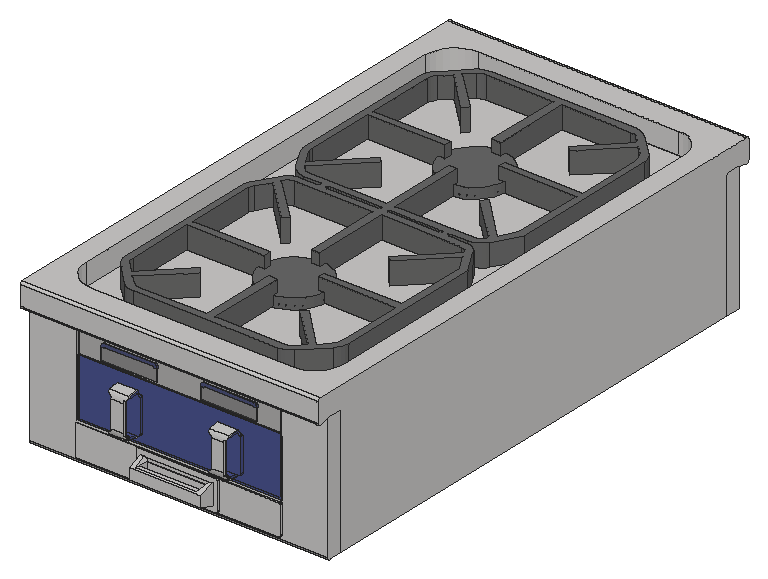
Revit family "QF_ELECTROLUXPROFESSIONAL_589079_MCGDAAEOPI", category Specialty Equipment, Revit 2018
Family settings
  Round Connector Dimension = Use Diameter
  Part Type = Normal
  Work Plane-Based = No
  Always vertical = Yes
  Cut with Voids When Loaded = No
  Shared = No
  Room Calculation Point = No
Parameters
  Weight in Pounds = 90.38
  Watts = 0 W
  URL Cutsheet = ""
  Type Mark [instance] = ""
  Status [instance] = ""
  Specification by User [instance] = ""
  Specification by Manufacturer = ""
  Show Clearance [instance] = yes
  Serial Number = ""
  Seismic Rating = ""
  SMACNA No = ""
  Revision Code [instance] = ""
  Omniclass Number and Title = ""
  NAFEM Spec ID Number = ""
  Model = "589079"
  Mechanical Remarks [instance] = ""
  Mechanical Connection Type [instance] = ""
  Masterspec = ""
  Manufacturer = "ELECTROLUX"
  Item Number [instance] = ""
  Installed By [instance] = ""
  Identify Quantity as Lot [instance] = yes
  HP = "0 HP"
  Gas Size = 1/2"
  Gas RI Height [instance] = 0 mm
  Gas KW = 20
  Gas Input = 68180.0 Btu/h
  Gas Connection Height [instance] = 0 mm
  Furnished By [instance] = ""
  Foodservice Equipment Identifier [instance] = yes
  Direct Waste Size = 0"
  Description = "GAS TOP,2 BURNERS,ECO,1SIDE,500X900X250H"
  CSI MasterFormat = ""
  CSI Master Format = ""
  Back Panel [instance] = yes
Reference planes
  plane 1 "BACK": y = 0
  plane 2: z = 0
  plane 3 "LEFT": x = 0
  plane 4 "RIGHT": x = 500
  plane 5 "FRONT": y = -900
  plane 6 "TOP": z = 250
  plane 7: x = 250
  plane 8: y = -450
  plane 9: z = 370
  plane 10: x = 465
  plane 11: y = -60.425
  plane 12: y = -1330
Forms (mm)
  Extrusion 1, solid, material "QF_Finishes_Stainless Steel"
    sketch origin (0, -487.128, 0) x (0, 1, 0) y (0, 0, 1)
      loop
        line (483.128, 250) -> (-408.872, 250)
        arc (-408.872, 250) -> (-411.7, 248.828) -> (-412.872, 246) r 4
        line (-412.872, 246) -> (-412.872, 214)
        arc (-412.872, 214) -> (-411.437, 210.931) -> (-408.161, 210.064) r 4
        line (-408.161, 210.064) -> (-392.872, 213) -> (-367.872, 213) -> (-367.872, 0) -> (441.714, 0) -> (441.714, 213) -> (465.765, 213) -> (482.433, 210.061)
        arc (482.433, 210.061) -> (485.699, 210.936) -> (487.128, 214) r 4
        line (487.128, 214) -> (487.128, 246)
        arc (487.128, 246) -> (485.956, 248.828) -> (483.128, 250) r 4
    from 0 to 500
  Extrusion 2, solid, material "QF_Finishes_Stainless Steel", visible <- "Back Panel"
    sketch origin (0, 0.586, 0) x (0, 1, 0) y (0, 0, 1)
      loop
        line (-46, 0) -> (-21, 0) -> (-21, 212.833) -> (-21.949, 213) -> (-46, 213) -> (-46, 0)
    from 0 to 500
  Extrusion 3, void
    sketch origin (653.786, 44.048, 250) x (1, 0, 0) y (0, -1, 0)
      loop
        line (-570.234, 89.462) -> (-235.321, 89.462)
        arc (-235.321, 89.462) -> (-200.694, 103.805) -> (-186.351, 138.432) r 48.97
        line (-186.351, 138.432) -> (-186.351, 850.078)
        arc (-186.351, 850.078) -> (-200.694, 884.705) -> (-235.321, 899.048) r 48.97
        line (-235.321, 899.048) -> (-570.234, 899.048)
        arc (-570.234, 899.048) -> (-605.59, 884.403) -> (-620.234, 849.048) r 50
        line (-620.234, 849.048) -> (-620.234, 139.462)
        arc (-620.234, 139.462) -> (-605.59, 104.107) -> (-570.234, 89.462) r 50
    from 0 to 37
  Extrusion 4, solid, material "QF_Finishes_Stainless Steel"
    sketch origin (10, -759, 0) x (1, 0, 0) y (0, -1, 0)
      loop
        circle (455, -169) r 6.35
    from 0 to 3.2
  Extrusion 5, solid, material "QF_Door-Drawer Clearances", visible <- "Show Clearance", detail levels coarse
    sketch origin (-178.969, -4572, 0) x (-1, 0, 0) y (0, -1, 0)
      loop
        line (-257.364, -3689.407) -> (-257.364, -3242) -> (-601.364, -3242) -> (-601.364, -3689.407) -> (-257.364, -3689.407)
    from 8.012 to 59.392
Cuts and joins
  Extrusion 3 cuts Extrusion 1
Lines and regions (mm)
  symbolic lines
    curve 1: line (0, 0, 0) -> (500, 0, 0)
    curve 2: line (0, -900, 0) -> (0, 0, 0)
    curve 3: line (500, -900, 0) -> (0, -900, 0)
    curve 4: line (500, 0, 0) -> (500, -900, 0)
    curve 5: arc (83.552, -855, 0) -> (48.197, -840.355, 0) -> (33.552, -805, 0) r 50
    curve 6: line (33.552, -805, 0) -> (33.552, -95.414, 0)
    curve 7: arc (33.552, -95.414, 0) -> (48.197, -60.059, 0) -> (83.552, -45.414, 0) r 50
    curve 8: line (83.552, -45.414, 0) -> (418.465, -45.414, 0)
    curve 9: arc (418.465, -45.414, 0) -> (453.092, -59.757, 0) -> (467.435, -94.384, 0) r 48.97
    curve 10: line (467.435, -94.384, 0) -> (467.435, -806.03, 0)
    curve 11: arc (467.435, -806.03, 0) -> (453.092, -840.657, 0) -> (418.465, -855, 0) r 48.97
    curve 12: line (418.465, -855, 0) -> (83.552, -855, 0)
  symbolic lines, style "QF_Door-Drawer Clearances"
    curve 13: line (78.395, -900, 0) -> (78.395, -1330, 0)
    curve 14: line (78.395, -1330, 0) -> (422.395, -1330, 0)
    curve 15: line (422.395, -1330, 0) -> (422.395, -900, 0)
Dimensions and locks
  plane 3 "LEFT" to plane 4 "RIGHT" = 500 mm
  plane 5 "FRONT" to plane 1 "BACK" = 900 mm
  equal spacing: plane 3 "LEFT", plane 7, plane 4 "RIGHT"
  equal spacing: plane 5 "FRONT", plane 8, plane 1 "BACK"
  plane 6 "TOP" to level = 250 mm  (x2)
  plane 1 "BACK" to plane 5 "FRONT" = 900 mm
  Extrusion 4 sketch curve to plane 1 "BACK" = 590 mm
  Extrusion 4 sketch curve to plane 4 "RIGHT" = 35 mm
  plane 1 "BACK" to Extrusion 4 = 590 mm
  plane 10 to plane 4 "RIGHT" = 35 mm
  plane 5 "FRONT" to plane 12 = 430 mm
  aligned and locked: level to plane 2
  aligned and locked: plane 7 to nested 1
  aligned and locked: Extrusion 1 to plane 4 "RIGHT"
Automatic sketch dimensions
  Extrusion 1 sketch curve to plane 5 "FRONT" = 0 mm
  Extrusion 1 sketch curve to plane 6 "TOP" = 0 mm
  Extrusion 1 sketch curve to level = 0 mm
  Extrusion 1 sketch curve to plane 1 "BACK" = 0 mm
  Extrusion 1 sketch curve to plane 6 "TOP" = 37 mm  (x2)
  Extrusion 1 sketch curve to plane 5 "FRONT" = 4 mm
  Extrusion 1 sketch curve to plane 5 "FRONT" = 20 mm
  Extrusion 1 sketch curve to plane 5 "FRONT" = 45 mm
  plane 1 "BACK" to Extrusion 1 sketch curve = 21.363 mm
  plane 1 "BACK" to Extrusion 1 sketch curve = 4 mm  (x2)
  Extrusion 1 sketch curve to Extrusion 1 sketch curve = 4 mm
  Extrusion 1 sketch curve to Extrusion 1 sketch curve = 0.711 mm
  plane 1 "BACK" to Extrusion 1 sketch curve = 4.695 mm
  Extrusion 1 sketch curve to Extrusion 1 sketch curve = 0 mm  (x2)
  Extrusion 1 sketch curve to Extrusion 1 sketch curve = 1 mm  (x2)
  plane 1 "BACK" to Extrusion 1 sketch curve = 45.414 mm
  plane 1 "BACK" to curve 1 = 0 mm
  curve 1 to plane 4 "RIGHT" = 0 mm
  curve 2 to plane 3 "LEFT" = 0 mm
  plane 5 "FRONT" to curve 2 = 0 mm
  Extrusion 3 sketch curve to Extrusion 3 sketch curve = 50 mm  (x2)
  Extrusion 1 to Extrusion 3 sketch curve = 81.535 mm  (x2)
  Extrusion 1 to Extrusion 3 sketch curve = 41 mm
  Extrusion 1 to Extrusion 3 sketch curve = 32.565 mm
  Extrusion 1 to Extrusion 3 sketch curve = 33.552 mm
  Extrusion 1 to Extrusion 3 sketch curve = 91.414 mm
  Extrusion 2 sketch curve to level = 0 mm
  plane 11 to Extrusion 2 sketch curve = 15.012 mm
  Extrusion 2 sketch curve to plane 6 "TOP" = 37.167 mm
  Extrusion 2 sketch curve to Extrusion 2 sketch curve = 0.949 mm
  plane 1 "BACK" to Extrusion 2 sketch curve = 20.414 mm
  Extrusion 2 sketch curve to plane 6 "TOP" = 37 mm
  curve 10 to plane 10 = 2.435 mm
  plane 11 to curve 8 = 15.012 mm
  plane 10 to curve 8 = 46.535 mm
  plane 3 "LEFT" to curve 8 = 83.552 mm
  plane 3 "LEFT" to curve 6 = 33.552 mm
  curve 6 to plane 5 "FRONT" = 95 mm
  plane 10 to curve 12 = 46.535 mm
  curve 10 to plane 5 "FRONT" = 93.97 mm
  Extrusion 5 sketch curve to plane 5 "FRONT" = 17.407 mm
  plane 7 to Extrusion 5 sketch curve = 172.395 mm
  plane 3 "LEFT" to Extrusion 5 sketch curve = 78.395 mm
  plane 5 "FRONT" to Extrusion 5 sketch curve = 430 mm
  curve 13 to plane 12 = 0 mm
  plane 3 "LEFT" to curve 13 = 78.395 mm
  plane 10 to curve 14 = 42.605 mm
  curve 13 to plane 5 "FRONT" = 0 mm
  curve 15 to plane 5 "FRONT" = 0 mm
  radius of Extrusion 4 sketch curve = 6.35 mm
Nested families
  nested 1: "EG_900_500_Double Range Control Handle Front Panel" at (202.376, -855, -650), type "EG_900_500_Double Range Control Handle Front Panel"
  nested 2: "OBT_900_Open Burner" at (250, -450.207, -649.319), type "OBT_900_Open Burner"
Connectors
  piping at (465, -590, -3.2), diameter 12.8
    settings: on Extrusion 4, index 1, connector inside diameter 0.50394", connector length 0 mm, flow factor 0, pipe flow 0 GPM, pressure drop 0.00 psi, fitting loss kfactor 0, connector angle 0.00°, fixture units 0, engagement length 0 mm, angle of deflection 0.00°, flow configuration 1, flow direction 1, fitting loss method 0, system type 7, joint type 0, gender type 0, connector reference index -1, connector utility 0, adjustable connector no, is connector primary yes, connector description "GAS CONNECTION"
Definition of nested family "EG_900_500_Double Range Control Handle Front Panel"
  Reference planes
    plane 1 "Center (Front/Back)": y = 0
    plane 2: z = 0
    plane 3 "Center (Left/Right)": x = 47.624
    plane 4: x = -202.376
    plane 5: x = 297.624
    plane 6: y = -45
  Forms (mm)
    Extrusion 1, solid
      sketch origin (833.217, 829.203, -1.25) x (0, 1, 0) y (0, 0, 1)
        loop
          arc (-854.203, 654.25) -> (-853.324, 652.129) -> (-851.203, 651.25) r 3
          line (-851.203, 651.25) -> (-829.203, 651.25) -> (-829.203, 864.25) -> (-854.203, 864.25) -> (-854.203, 654.25)
      from -1035.593 to -535.593
    Extrusion 2, void
      sketch origin (33.217, 829.203, -1.25) x (1, 0, 0) y (0, 0, 1)
        loop
          line (-157.593, 855.116) -> (-157.593, 713.116) -> (186.407, 713.116) -> (186.407, 855.116) -> (-157.593, 855.116)
      from 848.59 to 854.203
  Cuts and joins
    Extrusion 2 cuts Extrusion 1
  Dimensions and locks
    equal spacing: plane 5, plane 3 "Center (Left/Right)", plane 4
    plane 5 to plane 4 = 500 mm
    equal spacing: nested 3, nested 2, nested 1
    aligned and locked: cut or joined group of Extrusion 1, Extrusion 2 to plane 4
    aligned and locked: plane 5 to cut or joined group of Extrusion 1, Extrusion 2
    aligned and locked: plane 3 "Center (Left/Right)" to nested 2
    aligned and locked: cut or joined group of Extrusion 1, Extrusion 2 to nested 2
  Automatic sketch dimensions
    Extrusion 1 sketch curve to plane 1 "Center (Front/Back)" = 0 mm
    plane 1 "Center (Front/Back)" to Extrusion 1 sketch curve = 22 mm
    Extrusion 1 sketch curve to Extrusion 1 sketch curve = 3 mm
    level to Extrusion 1 sketch curve = 650 mm
    Extrusion 1 sketch curve to Extrusion 1 sketch curve = 210 mm
    plane 4 to Extrusion 2 sketch curve = 78 mm
    Extrusion 2 sketch curve to plane 5 = 78 mm
    level to Extrusion 2 sketch curve = 711.866 mm
    Extrusion 2 sketch curve to Extrusion 2 sketch curve = 142 mm
  Nested families
    nested 1: "Range Control Handle" at (-36.126, -28.137, -209.113) x (-1, 0, 0) z (0, 0, 1), type "Range Control Handle"
    nested 2: "glass conrol panel" at (47.624, 280.644, 2.752), type "glass conrol panel"
    nested 3: "Range Control Handle" at (131.374, -28.137, -209.113), type "Range Control Handle"
    nested 4: "grease trap door" at (-19.975, -25, 0), type "grease trap door"
  Definition of nested family "Range Control Handle"
    Reference planes
      plane 1 "Center (Front/Back)": y = 0
      plane 2: z = 0
      plane 3 "Center (Left/Right)": x = 0
      plane 4: z = 971.092
      plane 5: y = -16.9
    Forms (mm)
      Extrusion 1, solid
        sketch origin (-746.28, 380.497, 208.931) x (-1, 0, 0) y (0, 0, 1)
          loop
            line (-770.101, 786.798) -> (-770.101, 731.649)
            arc (-770.101, 731.649) -> (-769.759, 730.563) -> (-768.855, 729.87) r 1.893
            line (-768.855, 729.87) -> (-763.474, 727.911) -> (-729.81, 727.911) -> (-724.428, 729.87)
            arc (-724.428, 729.87) -> (-723.525, 730.563) -> (-723.183, 731.649) r 1.893
            line (-723.183, 731.649) -> (-723.183, 786.798)
            arc (-723.183, 786.798) -> (-723.529, 787.894) -> (-724.44, 788.593) r 1.91
            line (-724.44, 788.593) -> (-729.683, 790.819) -> (-763.601, 790.819) -> (-768.844, 788.593)
            arc (-768.844, 788.593) -> (-769.755, 787.894) -> (-770.101, 786.798) r 1.91
        from -382.35 to -378.852
      Sweep 2, solid
        path origin (-746.788, 380.496, 208.091) x (0, -1, 0) y (0, 0, 1)
          loop
            line (379.775, 793.281) -> (395.661, 791.048)
            arc (395.661, 791.048) -> (397.781, 787.377) -> (398.517, 783.202) r 12.207
            line (398.517, 783.202) -> (398.517, 737.368)
            arc (398.517, 737.368) -> (397.781, 733.193) -> (395.661, 729.522) r 12.207
            line (395.661, 729.522) -> (379.775, 727.289)
        profile origin (-746.788, -7.222, 1000.256) x (0, -0.139173, 0.990268) y (-1, 0, 0)
          loop
            line (0.782, -763.123) -> (0.782, -730.907) -> (-1.322, -730.907) -> (-1.322, -763.123) -> (0.782, -763.123)
      Sweep 3, solid
        path origin (-746.788, 380.715, 207.832) x (0, -1, 0) y (0, 0, 1)
          loop
            line (380.478, 795.442) -> (397.218, 793.09)
            arc (397.218, 793.09) -> (399.929, 788.473) -> (400.871, 783.202) r 15.207
            line (400.871, 783.202) -> (400.871, 737.584)
            arc (400.871, 737.584) -> (399.914, 732.274) -> (397.164, 727.633) r 15.207
            line (397.164, 727.633) -> (380.601, 725.305)
        profile origin (-746.788, -8.132, 1002.099) x (0, -0.139173, 0.990268) y (-1, 0, 0)
          loop
            line (0.782, -763.123) -> (0.782, -730.907) -> (-1.322, -730.907) -> (-1.322, -763.123) -> (0.782, -763.123)
      Extrusion 4, void
        sketch origin (889.253, 220.666, 207.993) x (1, 0, 0) y (0, 0, 1)
          loop
            line (-943.038, 816.854) -> (-943.038, 703.686) -> (-899.466, 734.196) -> (-899.466, 786.344) -> (-943.038, 816.854)
        from 230.636 to 242.25
      Extrusion 5, void
        sketch origin (-888.8, 220.666, 207.993) x (-1, 0, 0) y (0, 0, -1)
          loop
            line (-943.038, -816.854) -> (-899.466, -786.344) -> (-899.466, -734.196) -> (-943.038, -703.686) -> (-943.038, -816.854)
        from 230.636 to 242.25
      Extrusion 6, solid
        sketch origin (0, 0, 0) x (1, 0, 0) y (0, 0, 1)
          loop
            circle (0, 971.092) r 7.736
        from -3.137 to -1.645
    Cuts and joins
      Extrusion 4, Extrusion 5 cuts Sweep 3
      Extrusion 4, Extrusion 5 cuts Sweep 2
      joined: Extrusion 1, Extrusion 6
    Lines and regions (mm)
      symbolic lines
        curve 1: line (16.334, -16.9, 0) -> (16.334, -19.227, 0)
        curve 2: spline (16.334, -19.227, 0) -> (15.87, -19.385, 0) -> (15.404, -19.536, 0) -> (14.936, -19.678, 0) -> (14.466, -19.813, 0) -> (13.995, -19.94, 0) -> (13.523, -20.059, 0) -> (13.049, -20.171, 0) -> (12.575, -20.274, 0) -> (12.099, -20.37, 0) -> (11.622, -20.458, 0) -> (11.144, -20.537, 0) -> (10.666, -20.609, 0)
        curve 3: line (10.666, -16.9, 0) -> (10.666, -20.938, 0)
        curve 4: line (-10.213, -20.938, 0) -> (10.666, -20.938, 0)
        curve 5: line (-10.213, -20.938, 0) -> (-10.213, -16.9, 0)
        curve 6: spline (-10.213, -20.609, 0) -> (-10.691, -20.537, 0) -> (-11.169, -20.458, 0) -> (-11.646, -20.37, 0) -> (-12.122, -20.274, 0) -> (-12.597, -20.171, 0) -> (-13.07, -20.059, 0) -> (-13.542, -19.94, 0) -> (-14.013, -19.813, 0) -> (-14.483, -19.678, 0) -> (-14.951, -19.536, 0) -> (-15.417, -19.385, 0) -> (-15.881, -19.227, 0)
        curve 7: line (-15.881, -19.227, 0) -> (-15.881, -16.9, 0)
  Definition of nested family "glass conrol panel"
    Reference planes
      plane 1 "Center (Front/Back)": y = 0
      plane 2: z = 0
      plane 3 "Center (Left/Right)": x = 0
    Forms (mm)
      Extrusion 1, solid
        sketch origin (378.286, 0, 0.617) x (1, 0, 0) y (0, 0, 1)
          loop
            line (-550.286, 806.791) -> (-550.286, 708.497) -> (-206.286, 708.497) -> (-206.286, 806.791) -> (-550.286, 806.791)
        from 300.031 to 304.8
      Extrusion 2, solid
        sketch origin (378.286, 0, 0.617) x (1, 0, 0) y (0, 0, 1)
          loop
            line (-550.286, 850.497) -> (-550.286, 806.791) -> (-206.286, 806.791) -> (-206.286, 850.497) -> (-550.286, 850.497)
        from 300.031 to 304.8
      Extrusion 3, void
        sketch origin (378.286, 0, 0.617) x (1, 0, 0) y (0, 0, 1)
          loop
            line (-547.628, 847.565) -> (-547.628, 710.699) -> (-209.196, 710.699) -> (-209.196, 847.565) -> (-547.628, 847.565)
        from 303.697 to 304.8
      Extrusion 4, solid
        sketch origin (-392.059, 1.101, -0.633) x (-1, 0, 0) y (0, 0, -1)
          loop
            line (-261.431, -812.62) -> (-355.186, -812.62) -> (-355.186, -834.177) -> (-350.269, -834.177) -> (-348.469, -835.977) -> (-268.039, -835.977) -> (-266.24, -834.177) -> (-261.431, -834.177) -> (-261.431, -812.62)
        from 304.798 to 306.745
      Extrusion 5, solid
        sketch origin (-392.059, 1.101, -0.633) x (-1, 0, 0) y (0, 0, -1)
          loop
            line (-350.269, -834.177) -> (-355.078, -834.177)
            arc (-355.078, -834.177) -> (-353.942, -838.747) -> (-349.686, -840.763) r 5.5
            line (-349.686, -840.763) -> (-266.98, -840.763)
            arc (-266.98, -840.763) -> (-262.706, -838.752) -> (-261.529, -834.177) r 5.549
            line (-261.529, -834.177) -> (-266.24, -834.177) -> (-268.039, -835.977) -> (-348.469, -835.977) -> (-350.269, -834.177)
        from 304.798 to 306.745
      Extrusion 6, solid
        sketch origin (392.059, 1.101, -0.633) x (1, 0, 0) y (0, 0, 1)
          loop
            line (-261.431, 812.62) -> (-261.431, 834.177) -> (-266.24, 834.177) -> (-268.039, 835.977) -> (-348.469, 835.977) -> (-350.269, 834.177) -> (-355.186, 834.177) -> (-355.186, 812.62) -> (-261.431, 812.62)
        from 304.798 to 306.745
      Extrusion 7, solid
        sketch origin (392.059, 1.101, -0.633) x (1, 0, 0) y (0, 0, 1)
          loop
            line (-350.269, 834.177) -> (-348.469, 835.977) -> (-268.039, 835.977) -> (-266.24, 834.177) -> (-261.529, 834.177)
            arc (-261.529, 834.177) -> (-262.706, 838.752) -> (-266.98, 840.763) r 5.549
            line (-266.98, 840.763) -> (-349.686, 840.763)
            arc (-349.686, 840.763) -> (-353.942, 838.747) -> (-355.078, 834.177) r 5.5
            line (-355.078, 834.177) -> (-350.269, 834.177)
        from 304.798 to 306.745
    Cuts and joins
      Extrusion 3 cuts Extrusion 1
      Extrusion 3 cuts Extrusion 2
    Dimensions and locks
      aligned and locked: Extrusion 1 to Extrusion 2
      aligned and locked: Extrusion 5 sketch curve to Extrusion 4  (x5)
      aligned and locked: Extrusion 5 to Extrusion 4
      aligned and locked: Extrusion 7 sketch curve to Extrusion 6  (x4)
      aligned and locked: Extrusion 6 to Extrusion 7 sketch curve
      aligned and locked: Extrusion 7 to Extrusion 6
  Definition of nested family "grease trap door"
    Reference planes
      plane 1 "Center (Front/Back)": y = 0
      plane 2: z = 0
      plane 3 "Center (Left/Right)": x = 0
      plane 4: y = -20
    Forms (mm)
      Extrusion 1, solid
        sketch origin (1627.55, 854.203, -1.25) x (1, 0, 0) y (0, 0, 1)
          loop
            arc (-1627.55, 661.235) -> (-1626.972, 659.84) -> (-1625.577, 659.262) r 1.973
            line (-1625.577, 659.262) -> (-1494.325, 659.262)
            arc (-1494.325, 659.262) -> (-1492.156, 660.16) -> (-1491.258, 662.329) r 3.067
            line (-1491.258, 662.329) -> (-1491.258, 708.803)
            arc (-1491.258, 708.803) -> (-1492.414, 710.143) -> (-1494.111, 710.642) r 3.133
            line (-1494.111, 710.642) -> (-1625.486, 710.642)
            arc (-1625.486, 710.642) -> (-1626.945, 710.038) -> (-1627.55, 708.579) r 2.063
            line (-1627.55, 708.579) -> (-1627.55, 661.235)
        from 856.795 to 859.203
      Extrusion 2, solid
        sketch origin (445.874, 2476.61, 0) x (0, 1, 0) y (0, 0, 1)
          loop
            line (-2506.377, 675.273) -> (-2481.61, 667.505) -> (-2481.61, 700.995) -> (-2506.377, 693.227) -> (-2506.377, 675.273)
        from -437.68 to -317.68
      Extrusion 3, void
        sketch origin (1627.55, 854.203, -1.25) x (1, 0, 0) y (0, 0, 1)
          loop
            line (-1614.883, 703) -> (-1610.542, 695.433) -> (-1508.17, 695.433) -> (-1503.828, 703) -> (-1614.883, 703)
          loop
            line (-1614.883, 668) -> (-1502.669, 668) -> (-1507.01, 675.567) -> (-1610.542, 675.567) -> (-1614.883, 668)
        from 832.916 to 883.97
      Extrusion 4, void
        sketch origin (447.55, 854.203, -1.25) x (1, 0, 0) y (0, 0, 1)
          loop
            line (-430.542, 695.433) -> (-430.542, 675.567) -> (-328.17, 675.567) -> (-328.17, 695.433) -> (-430.542, 695.433)
        from 859.203 to 874.202
      Extrusion 5, solid
        sketch origin (1627.55, 854.203, -1.25) x (1, 0, 0) y (0, 0, 1)
          loop
            arc (-1731.556, 661.235) -> (-1730.978, 659.84) -> (-1729.583, 659.262) r 1.973
            line (-1729.583, 659.262) -> (-1390.623, 659.262)
            arc (-1390.623, 659.262) -> (-1388.454, 660.16) -> (-1387.556, 662.329) r 3.067
            line (-1387.556, 662.329) -> (-1387.556, 708.803)
            arc (-1387.556, 708.803) -> (-1388.712, 710.143) -> (-1390.409, 710.642) r 3.133
            line (-1390.409, 710.642) -> (-1729.493, 710.642)
            arc (-1729.493, 710.642) -> (-1730.952, 710.038) -> (-1731.556, 708.579) r 2.063
            line (-1731.556, 708.579) -> (-1731.556, 661.235)
        from 854.203 to 856.795
    Cuts and joins
      Extrusion 3 cuts Extrusion 1
      Extrusion 3, Extrusion 4 cuts Extrusion 2
      joined: Extrusion 1, Extrusion 2
    Lines and regions (mm)
      model lines
        curve 1: line (67.599, 0, 658.012) -> (67.599, 0, 709.392)
      symbolic lines
        curve 2: line (8.194, -20, 0) -> (8.194, -29.767, 0)
        curve 3: line (8.194, -29.767, 0) -> (128.194, -29.767, 0)
        curve 4: line (128.194, -29.767, 0) -> (128.194, -20, 0)
    Dimensions and locks
      aligned and locked: Extrusion 2 to Extrusion 1
      aligned and locked: Extrusion 3 to Extrusion 2
      aligned and locked: Extrusion 4 to Extrusion 1
Definition of nested family "OBT_900_Open Burner"
  Reference planes
    plane 1 "Center (Front/Back)": y = 0
    plane 2: z = 0
    plane 3 "Center (Left/Right)": x = 0
    plane 4: x = -186.448
    plane 5: x = 187.435
    plane 6: y = 374.793
    plane 7: y = -374.793
    plane 8: y = -188.326
  Forms (mm)
    Extrusion 1, solid
      sketch origin (2130.573, 56.896, -679.622) x (1, 0, 0) y (0, 1, 0)
        loop
          line (-2137.44, 306.49) -> (-2250.793, 306.49)
          arc (-2250.793, 306.49) -> (-2257.908, 305.075) -> (-2263.94, 301.044) r 18.593
          line (-2263.94, 301.044) -> (-2276.233, 288.751) -> (-2213.48, 225.998) -> (-2221.6, 217.877) -> (-2284.354, 280.631) -> (-2300.33, 264.654)
          arc (-2300.33, 264.654) -> (-2304.433, 258.337) -> (-2305.614, 250.897) r 18.125
          line (-2305.614, 250.897) -> (-2305.614, 138.422) -> (-2175.79, 138.422) -> (-2175.79, 126.938) -> (-2305.614, 126.938) -> (-2305.614, 10.897)
          arc (-2305.614, 10.897) -> (-2304.981, 6.085) -> (-2303.123, 1.601) r 18.593
          line (-2303.123, 1.601) -> (-2290.078, -20.994) -> (-2221.6, 47.483) -> (-2213.48, 39.363) -> (-2284.012, -31.169)
          arc (-2284.012, -31.169) -> (-2278.546, -38.527) -> (-2270.23, -42.379) r 18.593
          line (-2270.23, -42.379) -> (-2137.44, -42.379) -> (-2137.44, 87.464) -> (-2123.707, 87.464) -> (-2123.707, -42.379) -> (-1989.813, -42.379)
          arc (-1989.813, -42.379) -> (-1981.496, -38.527) -> (-1976.031, -31.169) r 18.593
          line (-1976.031, -31.169) -> (-2047.115, 39.915) -> (-2038.994, 48.035) -> (-1969.962, -20.997) -> (-1954.428, 5.916) -> (-1954.428, 126.938) -> (-2085.357, 126.938) -> (-2085.357, 138.422) -> (-1954.428, 138.422) -> (-1954.428, 247.888)
          arc (-1954.428, 247.888) -> (-1956.538, 258.496) -> (-1962.547, 267.489) r 27.72
          line (-1962.547, 267.489) -> (-1975.689, 280.631) -> (-2038.994, 217.325) -> (-2047.115, 225.446) -> (-1983.809, 288.751) -> (-1996.102, 301.044)
          arc (-1996.102, 301.044) -> (-2002.134, 305.075) -> (-2009.25, 306.49) r 18.593
          line (-2009.25, 306.49) -> (-2123.707, 306.49) -> (-2123.707, 177.897) -> (-2137.44, 177.897) -> (-2137.44, 306.49)
        loop
          arc (-2317.021, 10.897) -> (-2315.999, 3.132) -> (-2313.002, -4.103) r 30
          line (-2313.002, -4.103) -> (-2292.795, -39.103)
          arc (-2292.795, -39.103) -> (-2281.814, -50.084) -> (-2266.814, -54.103) r 30
          line (-2266.814, -54.103) -> (-2239.287, -54.103)
          arc (-2239.287, -54.103) -> (-2238.243, -56) -> (-2236.272, -56.896) r 3.438
          arc (-2236.272, -56.896) -> (-2238.243, -57.792) -> (-2239.287, -59.689) r 3.438
          line (-2239.287, -59.689) -> (-2266.814, -59.689)
          arc (-2266.814, -59.689) -> (-2281.814, -63.708) -> (-2292.795, -74.689) r 30
          line (-2292.795, -74.689) -> (-2313.002, -109.689)
          arc (-2313.002, -109.689) -> (-2315.999, -116.924) -> (-2317.021, -124.689) r 30
          line (-2317.021, -124.689) -> (-2317.021, -365.461)
          arc (-2317.021, -365.461) -> (-2314.738, -376.941) -> (-2308.234, -386.674) r 30
          line (-2308.234, -386.674) -> (-2271.975, -422.933)
          arc (-2271.975, -422.933) -> (-2262.253, -429.414) -> (-2250.793, -431.689) r 30
          line (-2250.793, -431.689) -> (-2009.25, -431.689)
          arc (-2009.25, -431.689) -> (-1997.786, -429.412) -> (-1988.062, -422.928) r 30
          line (-1988.062, -422.928) -> (-1951.808, -386.674)
          arc (-1951.808, -386.674) -> (-1945.305, -376.941) -> (-1942.982, -365.461) r 30
          line (-1942.982, -365.461) -> (-1942.982, -116.719) -> (-1967.248, -74.689)
          arc (-1967.248, -74.689) -> (-1978.229, -63.708) -> (-1993.229, -59.689) r 30
          line (-1993.229, -59.689) -> (-2020.319, -59.689)
          arc (-2020.319, -59.689) -> (-2021.979, -57.759) -> (-2024.375, -56.896) r 5
          arc (-2024.375, -56.896) -> (-2021.979, -56.033) -> (-2020.319, -54.103) r 5
          line (-2020.319, -54.103) -> (-1993.229, -54.103)
          arc (-1993.229, -54.103) -> (-1978.229, -50.084) -> (-1967.248, -39.103) r 30
          line (-1967.248, -39.103) -> (-1943.138, 2.656) -> (-1943.138, 254.314)
          arc (-1943.138, 254.314) -> (-1945.839, 264.361) -> (-1951.808, 272.882) r 30
          line (-1951.808, 272.882) -> (-1988.062, 309.136)
          arc (-1988.062, 309.136) -> (-1997.786, 315.62) -> (-2009.25, 317.897) r 30
          line (-2009.25, 317.897) -> (-2250.793, 317.897)
          arc (-2250.793, 317.897) -> (-2262.253, 315.622) -> (-2271.975, 309.141) r 30
          line (-2271.975, 309.141) -> (-2308.234, 272.882)
          arc (-2308.234, 272.882) -> (-2314.738, 263.149) -> (-2317.021, 251.669) r 30
          line (-2317.021, 251.669) -> (-2317.021, 10.897)
        loop
          arc (-2122.397, -54.103) -> (-2124.057, -56.033) -> (-2126.452, -56.896) r 5
          arc (-2126.452, -56.896) -> (-2124.057, -57.759) -> (-2122.397, -59.689) r 5
          line (-2122.397, -59.689) -> (-2035.829, -59.689)
          arc (-2035.829, -59.689) -> (-2034.784, -57.792) -> (-2032.813, -56.896) r 3.438
          arc (-2032.813, -56.896) -> (-2034.784, -56) -> (-2035.829, -54.103) r 3.438
          line (-2035.829, -54.103) -> (-2122.397, -54.103)
        loop
          arc (-2223.778, -54.103) -> (-2225.438, -56.033) -> (-2227.833, -56.896) r 5
          arc (-2227.833, -56.896) -> (-2225.438, -57.759) -> (-2223.778, -59.689) r 5
          line (-2223.778, -59.689) -> (-2137.906, -59.689)
          arc (-2137.906, -59.689) -> (-2136.862, -57.792) -> (-2134.891, -56.896) r 3.438
          arc (-2134.891, -56.896) -> (-2136.862, -56) -> (-2137.906, -54.103) r 3.438
          line (-2137.906, -54.103) -> (-2223.778, -54.103)
        loop
          line (-2137.44, -420.282) -> (-2137.44, -290.439) -> (-2123.707, -290.439) -> (-2123.707, -420.282) -> (-2009.25, -420.282)
          arc (-2009.25, -420.282) -> (-2002.134, -418.867) -> (-1996.102, -414.836) r 18.593
          line (-1996.102, -414.836) -> (-1983.184, -401.918) -> (-2047.115, -337.988) -> (-2038.994, -329.867) -> (-1975.064, -393.798) -> (-1962.547, -381.281)
          arc (-1962.547, -381.281) -> (-1956.538, -372.288) -> (-1954.428, -361.68) r 27.72
          line (-1954.428, -361.68) -> (-1954.428, -250.964) -> (-2085.357, -250.964) -> (-2085.357, -239.48) -> (-1954.428, -239.48) -> (-1954.428, -119.708) -> (-1970.42, -92.003) -> (-2038.994, -160.577) -> (-2047.115, -152.457) -> (-1976.413, -81.755)
          arc (-1976.413, -81.755) -> (-1981.868, -74.971) -> (-1989.813, -71.413) r 18.593
          line (-1989.813, -71.413) -> (-2123.707, -71.413) -> (-2123.707, -200.006) -> (-2137.44, -200.006) -> (-2137.44, -71.413) -> (-2270.23, -71.413)
          arc (-2270.23, -71.413) -> (-2278.175, -74.971) -> (-2283.629, -81.755) r 18.593
          line (-2283.629, -81.755) -> (-2213.48, -151.905) -> (-2221.6, -160.025) -> (-2289.62, -92.005) -> (-2303.123, -115.393)
          arc (-2303.123, -115.393) -> (-2304.981, -119.877) -> (-2305.614, -124.689) r 18.593
          line (-2305.614, -124.689) -> (-2305.614, -239.48) -> (-2175.79, -239.48) -> (-2175.79, -250.964) -> (-2305.614, -250.964) -> (-2305.614, -364.689)
          arc (-2305.614, -364.689) -> (-2304.433, -372.129) -> (-2300.33, -378.446) r 18.125
          line (-2300.33, -378.446) -> (-2284.979, -393.798) -> (-2221.6, -330.419) -> (-2213.48, -338.54) -> (-2276.858, -401.918) -> (-2263.94, -414.836)
          arc (-2263.94, -414.836) -> (-2257.908, -418.867) -> (-2250.793, -420.282) r 18.593
          line (-2250.793, -420.282) -> (-2137.44, -420.282)
      from 1542.072 to 1578.941
    Extrusion 2, solid
      sketch origin (2130.573, 61.122, 0) x (1, 0, 0) y (0, 1, 0)
        loop
          circle (-2130.573, -249.448) r 55
        loop
          circle (-2130.573, 128.455) r 55
      from 862.45 to 879.837
    Extrusion 3, void
      sketch origin (-124.371, -355.785, -22.784) x (-0.587785, -0.809017, 0) y (0, 0, 1)
        loop
          circle (-213.495, 891.283) r 1
      from -67.69 to -35.114
    Extrusion 4, void
      sketch origin (-89.903, -376.417, -22.784) x (-0.422618, -0.906308, 0) y (0, 0, 1)
        loop
          circle (-213.495, 891.283) r 1
      from -74.826 to -35.114
    Extrusion 5, void
      sketch origin (-52.131, -390.093, -22.784) x (-0.241922, -0.970296, 0) y (0, 0, 1)
        loop
          circle (-213.495, 891.283) r 1
      from -67.69 to -35.114
    Extrusion 6, void
      sketch origin (27.702, -394.842, -22.784) x (0.139173, -0.990268, 0) y (0, 0, 1)
        loop
          circle (-213.495, 891.283) r 1
      from -67.69 to -35.114
    Extrusion 7, void
      sketch origin (66.829, -385.74, -22.784) x (0.325568, -0.945519, 0) y (0, 0, 1)
        loop
          circle (-213.495, 891.283) r 1
      from -67.69 to -35.114
    Extrusion 8, void
      sketch origin (103.5, -369.339, -22.784) x (0.5, -0.866025, 0) y (0, 0, 1)
        loop
          circle (-213.495, 891.283) r 1
      from -67.69 to -35.114
    Extrusion 9, void
      sketch origin (136.368, -346.242, -22.784) x (0.656059, -0.75471, 0) y (0, 0, 1)
        loop
          circle (-213.495, 891.283) r 1
      from -67.69 to -35.114
    Extrusion 10, void
      sketch origin (164.225, -317.298, -22.784) x (0.788011, -0.615661, 0) y (0, 0, 1)
        loop
          circle (-213.495, 891.283) r 1
      from -67.69 to -35.114
    Extrusion 11, void
      sketch origin (186.048, -283.571, -22.784) x (0.891007, -0.45399, 0) y (0, 0, 1)
        loop
          circle (-213.495, 891.283) r 1
      from -67.69 to -35.114
    Extrusion 12, void
      sketch origin (201.034, -246.299, -22.784) x (0.961262, -0.275637, 0) y (0, 0, 1)
        loop
          circle (-213.495, 891.283) r 1
      from -67.69 to -35.114
    Extrusion 13, void
      sketch origin (208.566, -166.681, -22.784) x (0.994522, 0.104528, 0) y (0, 0, 1)
        loop
          circle (-213.495, 891.283) r 1
      from -67.69 to -35.114
    Extrusion 14, void
      sketch origin (200.835, -127.26, -22.784) x (0.956305, 0.292372, 0) y (0, 0, 1)
        loop
          circle (-213.495, 891.283) r 1
      from -67.69 to -35.114
    Extrusion 15, void
      sketch origin (185.724, -90.039, -22.784) x (0.882948, 0.469472, 0) y (0, 0, 1)
        loop
          circle (-213.495, 891.283) r 1
      from -67.69 to -35.114
    Extrusion 16, void
      sketch origin (163.788, -56.385, -22.784) x (0.777146, 0.62932, 0) y (0, 0, 1)
        loop
          circle (-213.495, 891.283) r 1
      from -67.69 to -35.114
    Extrusion 17, void
      sketch origin (135.834, -27.534, -22.784) x (0.642788, 0.766044, 0) y (0, 0, 1)
        loop
          circle (-213.495, 891.283) r 1
      from -67.69 to -35.114
    Extrusion 18, void
      sketch origin (102.889, -4.548, -22.784) x (0.48481, 0.87462, 0) y (0, 0, 1)
        loop
          circle (-213.495, 891.283) r 1
      from -67.69 to -35.114
    Extrusion 19, void
      sketch origin (66.163, 11.73, -22.784) x (0.309017, 0.951057, 0) y (0, 0, 1)
        loop
          circle (-213.495, 891.283) r 1
      from -67.69 to -35.114
    Extrusion 20, void
      sketch origin (-52.811, 15.685, -22.784) x (-0.258819, 0.965926, 0) y (0, 0, 1)
        loop
          circle (-213.495, 891.283) r 1
      from -67.69 to -35.114
    Extrusion 21, void
      sketch origin (-90.537, 1.882, -22.784) x (-0.438371, 0.898794, 0) y (0, 0, 1)
        loop
          circle (-213.495, 891.283) r 1
      from -67.69 to -35.114
    Extrusion 22, void
      sketch origin (-124.936, -18.865, -22.784) x (-0.601815, 0.798636, 0) y (0, 0, 1)
        loop
          circle (-213.495, 891.283) r 1
      from -67.69 to -35.114
    Extrusion 23, void
      sketch origin (-154.744, -45.796, -22.784) x (-0.743145, 0.669131, 0) y (0, 0, 1)
        loop
          circle (-213.495, 891.283) r 1
      from -67.69 to -35.114
    Extrusion 24, void
      sketch origin (-178.866, -77.919, -22.784) x (-0.857167, 0.515038, 0) y (0, 0, 1)
        loop
          circle (-213.495, 891.283) r 1
      from -67.69 to -35.114
    Extrusion 25, void
      sketch origin (-196.416, -114.054, -22.784) x (-0.939693, 0.34202, 0) y (0, 0, 1)
        loop
          circle (-213.495, 891.283) r 1
      from -67.69 to -35.114
    Extrusion 26, void
      sketch origin (-204.521, -232.817, -22.784) x (-0.97437, -0.224951, 0) y (0, 0, 1)
        loop
          circle (-213.495, 891.283) r 1
      from -67.69 to -35.114
    Extrusion 27, void
      sketch origin (-192.043, -271.002, -22.784) x (-0.913545, -0.406737, 0) y (0, 0, 1)
        loop
          circle (-213.495, 891.283) r 1
      from -67.69 to -35.114
    Extrusion 28, void
      sketch origin (-172.509, -306.104, -22.784) x (-0.819152, -0.573576, 0) y (0, 0, 1)
        loop
          circle (-213.495, 891.283) r 1
      from -67.69 to -35.114
    Extrusion 29, void
      sketch origin (-146.635, -336.834, -22.784) x (-0.694658, -0.71934, 0) y (0, 0, 1)
        loop
          circle (-213.495, 891.283) r 1
      from -67.69 to -35.114
    Extrusion 30, void
      sketch origin (-124.371, 22.118, -22.784) x (-0.587785, -0.809017, 0) y (0, 0, 1)
        loop
          circle (-213.495, 891.283) r 1
      from -67.69 to -35.114
    Extrusion 31, void
      sketch origin (-89.903, 1.485, -22.784) x (-0.422618, -0.906308, 0) y (0, 0, 1)
        loop
          circle (-213.495, 891.283) r 1
      from -74.826 to -35.114
    Extrusion 32, void
      sketch origin (-52.131, -12.191, -22.784) x (-0.241922, -0.970296, 0) y (0, 0, 1)
        loop
          circle (-213.495, 891.283) r 1
      from -67.69 to -35.114
    Extrusion 33, void
      sketch origin (27.702, -16.939, -22.784) x (0.139173, -0.990268, 0) y (0, 0, 1)
        loop
          circle (-213.495, 891.283) r 1
      from -67.69 to -35.114
    Extrusion 34, void
      sketch origin (66.829, -7.837, -22.784) x (0.325568, -0.945519, 0) y (0, 0, 1)
        loop
          circle (-213.495, 891.283) r 1
      from -67.69 to -35.114
    Extrusion 35, void
      sketch origin (103.5, 8.564, -22.784) x (0.5, -0.866025, 0) y (0, 0, 1)
        loop
          circle (-213.495, 891.283) r 1
      from -67.69 to -35.114
    Extrusion 36, void
      sketch origin (136.368, 31.66, -22.784) x (0.656059, -0.75471, 0) y (0, 0, 1)
        loop
          circle (-213.495, 891.283) r 1
      from -67.69 to -35.114
    Extrusion 37, void
      sketch origin (164.225, 60.604, -22.784) x (0.788011, -0.615661, 0) y (0, 0, 1)
        loop
          circle (-213.495, 891.283) r 1
      from -67.69 to -35.114
    Extrusion 38, void
      sketch origin (186.048, 94.332, -22.784) x (0.891007, -0.45399, 0) y (0, 0, 1)
        loop
          circle (-213.495, 891.283) r 1
      from -67.69 to -35.114
    Extrusion 39, void
      sketch origin (201.034, 131.603, -22.784) x (0.961262, -0.275637, 0) y (0, 0, 1)
        loop
          circle (-213.495, 891.283) r 1
      from -67.69 to -35.114
    Extrusion 40, void
      sketch origin (208.566, 211.222, -22.784) x (0.994522, 0.104528, 0) y (0, 0, 1)
        loop
          circle (-213.495, 891.283) r 1
      from -67.69 to -35.114
    Extrusion 41, void
      sketch origin (200.835, 250.642, -22.784) x (0.956305, 0.292372, 0) y (0, 0, 1)
        loop
          circle (-213.495, 891.283) r 1
      from -67.69 to -35.114
    Extrusion 42, void
      sketch origin (185.724, 287.864, -22.784) x (0.882948, 0.469472, 0) y (0, 0, 1)
        loop
          circle (-213.495, 891.283) r 1
      from -67.69 to -35.114
    Extrusion 43, void
      sketch origin (163.788, 321.518, -22.784) x (0.777146, 0.62932, 0) y (0, 0, 1)
        loop
          circle (-213.495, 891.283) r 1
      from -67.69 to -35.114
    Extrusion 44, void
      sketch origin (135.834, 350.368, -22.784) x (0.642788, 0.766044, 0) y (0, 0, 1)
        loop
          circle (-213.495, 891.283) r 1
      from -67.69 to -35.114
    Extrusion 45, void
      sketch origin (102.889, 373.355, -22.784) x (0.48481, 0.87462, 0) y (0, 0, 1)
        loop
          circle (-213.495, 891.283) r 1
      from -67.69 to -35.114
    Extrusion 46, void
      sketch origin (66.163, 389.633, -22.784) x (0.309017, 0.951057, 0) y (0, 0, 1)
        loop
          circle (-213.495, 891.283) r 1
      from -67.69 to -35.114
    Extrusion 47, void
      sketch origin (-52.811, 393.588, -22.784) x (-0.258819, 0.965926, 0) y (0, 0, 1)
        loop
          circle (-213.495, 891.283) r 1
      from -67.69 to -35.114
    Extrusion 48, void
      sketch origin (-90.537, 379.785, -22.784) x (-0.438371, 0.898794, 0) y (0, 0, 1)
        loop
          circle (-213.495, 891.283) r 1
      from -67.69 to -35.114
    Extrusion 49, void
      sketch origin (-124.936, 359.037, -22.784) x (-0.601815, 0.798636, 0) y (0, 0, 1)
        loop
          circle (-213.495, 891.283) r 1
      from -67.69 to -35.114
    Extrusion 50, void
      sketch origin (-154.744, 332.107, -22.784) x (-0.743145, 0.669131, 0) y (0, 0, 1)
        loop
          circle (-213.495, 891.283) r 1
      from -67.69 to -35.114
    Extrusion 51, void
      sketch origin (-178.866, 299.984, -22.784) x (-0.857167, 0.515038, 0) y (0, 0, 1)
        loop
          circle (-213.495, 891.283) r 1
      from -67.69 to -35.114
    Extrusion 52, void
      sketch origin (-196.416, 263.848, -22.784) x (-0.939693, 0.34202, 0) y (0, 0, 1)
        loop
          circle (-213.495, 891.283) r 1
      from -67.69 to -35.114
    Extrusion 53, void
      sketch origin (-204.521, 145.086, -22.784) x (-0.97437, -0.224951, 0) y (0, 0, 1)
        loop
          circle (-213.495, 891.283) r 1
      from -67.69 to -35.114
    Extrusion 54, void
      sketch origin (-192.043, 106.901, -22.784) x (-0.913545, -0.406737, 0) y (0, 0, 1)
        loop
          circle (-213.495, 891.283) r 1
      from -67.69 to -35.114
    Extrusion 55, void
      sketch origin (-172.509, 71.798, -22.784) x (-0.819152, -0.573576, 0) y (0, 0, 1)
        loop
          circle (-213.495, 891.283) r 1
      from -67.69 to -35.114
    Extrusion 56, void
      sketch origin (-146.635, 41.068, -22.784) x (-0.694658, -0.71934, 0) y (0, 0, 1)
        loop
          circle (-213.495, 891.283) r 1
      from -67.69 to -35.114
  Cuts and joins
    Extrusion 3, Extrusion 4, Extrusion 5, Extrusion 6, Extrusion 7, Extrusion 8, Extrusion 9, Extrusion 10, Extrusion 11, Extrusion 12, Extrusion 13, Extrusion 14, Extrusion 15, Extrusion 16, Extrusion 17, Extrusion 18, Extrusion 19, Extrusion 20, Extrusion 21, Extrusion 22, Extrusion 23, Extrusion 24, Extrusion 25, Extrusion 26, Extrusion 27, Extrusion 28, Extrusion 29, Extrusion 30, Extrusion 31, Extrusion 32, Extrusion 33, Extrusion 34, Extrusion 35, Extrusion 36, Extrusion 37, Extrusion 38, Extrusion 39, Extrusion 40, Extrusion 41, Extrusion 42, Extrusion 43, Extrusion 44, Extrusion 45, Extrusion 46, Extrusion 47, Extrusion 48, Extrusion 49, Extrusion 50, Extrusion 51, Extrusion 52, Extrusion 53, Extrusion 54, Extrusion 55, Extrusion 56 cuts Extrusion 2
    Extrusion 32 cuts Extrusion 1
  Lines and regions (mm)
    symbolic lines
      curve 1: arc (54.699, -182.584, 0) -> (39.289, -149.838, 0) -> (6.867, -133.757, 0) r 55
      curve 2: arc (-54.699, -194.068, 0) -> (-39.289, -226.815, 0) -> (-6.867, -242.896, 0) r 55
      curve 3: line (45.217, -194.068, 0) -> (176.145, -194.068, 0)
      curve 4: line (176.145, -194.068, 0) -> (176.145, -304.784, 0)
      curve 5: arc (176.145, -304.784, 0) -> (174.035, -315.392, 0) -> (168.026, -324.385, 0) r 27.72
      curve 6: line (168.026, -324.385, 0) -> (155.51, -336.902, 0)
      curve 7: line (155.51, -336.902, 0) -> (91.579, -272.971, 0)
      curve 8: line (83.459, -281.092, 0) -> (147.389, -345.022, 0)
      curve 9: line (147.389, -345.022, 0) -> (134.471, -357.94, 0)
      curve 10: arc (134.471, -357.94, 0) -> (128.439, -361.971, 0) -> (121.324, -363.386, 0) r 18.593
      curve 11: line (121.324, -363.386, 0) -> (6.867, -363.386, 0)
      curve 12: line (6.867, -363.386, 0) -> (6.867, -233.543, 0)
      curve 13: line (-6.867, -233.543, 0) -> (-6.867, -363.386, 0)
      curve 14: line (-6.867, -363.386, 0) -> (-120.219, -363.386, 0)
      curve 15: arc (-120.219, -363.386, 0) -> (-127.335, -361.971, 0) -> (-133.367, -357.94, 0) r 18.593
      curve 16: line (-133.367, -357.94, 0) -> (-146.285, -345.022, 0)
      curve 17: line (-146.285, -345.022, 0) -> (-82.906, -281.644, 0)
      curve 18: line (-91.027, -273.523, 0) -> (-154.405, -336.902, 0)
      curve 19: line (-154.405, -336.902, 0) -> (-169.757, -321.55, 0)
      curve 20: arc (-169.757, -321.55, 0) -> (-173.86, -315.233, 0) -> (-175.041, -307.793, 0) r 18.125
      curve 21: line (-175.041, -307.793, 0) -> (-175.041, -194.068, 0)
      curve 22: line (-175.041, -194.068, 0) -> (-45.217, -194.068, 0)
      curve 23: line (-45.217, -182.584, 0) -> (-175.041, -182.584, 0)
      curve 24: line (-175.041, -182.584, 0) -> (-175.041, -67.793, 0)
      curve 25: arc (-175.041, -67.793, 0) -> (-174.407, -62.981, 0) -> (-172.55, -58.497, 0) r 18.593
      curve 26: line (-172.55, -58.497, 0) -> (-159.047, -35.109, 0)
      curve 27: line (-159.047, -35.109, 0) -> (-91.027, -103.129, 0)
      curve 28: line (-82.906, -95.009, 0) -> (-153.056, -24.859, 0)
      curve 29: arc (-153.056, -24.859, 0) -> (-147.601, -18.075, 0) -> (-139.656, -14.517, 0) r 18.593
      curve 30: line (-139.656, -14.517, 0) -> (-6.867, -14.517, 0)
      curve 31: line (-6.867, -14.517, 0) -> (-6.867, -143.11, 0)
      curve 32: line (6.867, -143.11, 0) -> (6.867, -14.517, 0)
      curve 33: line (6.867, -14.517, 0) -> (140.761, -14.517, 0)
      curve 34: arc (140.761, -14.517, 0) -> (148.706, -18.075, 0) -> (154.16, -24.859, 0) r 18.593
      curve 35: line (154.16, -24.859, 0) -> (83.459, -95.561, 0)
      curve 36: line (91.579, -103.681, 0) -> (160.154, -35.107, 0)
      curve 37: line (160.154, -35.107, 0) -> (176.145, -62.812, 0)
      curve 38: line (176.145, -62.812, 0) -> (176.145, -182.584, 0)
      curve 39: line (176.145, -182.584, 0) -> (45.217, -182.584, 0)
      curve 40: line (187.592, -59.823, 0) -> (163.326, -17.793, 0)
      curve 41: arc (163.326, -17.793, 0) -> (152.345, -6.812, 0) -> (137.345, -2.793, 0) r 30
      curve 42: line (137.345, -2.793, 0) -> (110.254, -2.793, 0)
      curve 43: arc (110.254, -2.793, 0) -> (108.594, -0.863, 0) -> (106.199, 0, 0) r 5
      curve 44: arc (106.199, 0, 0) -> (108.594, 0.863, 0) -> (110.254, 2.793, 0) r 5
      curve 45: line (110.254, 2.793, 0) -> (137.345, 2.793, 0)
      curve 46: arc (137.345, 2.793, 0) -> (152.345, 6.812, 0) -> (163.326, 17.793, 0) r 30
      curve 47: line (163.326, 17.793, 0) -> (187.435, 59.552, 0)
      curve 48: line (187.435, 59.552, 0) -> (187.435, 311.21, 0)
      curve 49: arc (187.435, 311.21, 0) -> (184.735, 321.257, 0) -> (178.765, 329.778, 0) r 30
      curve 50: line (178.765, 329.778, 0) -> (142.511, 366.032, 0)
      curve 51: arc (142.511, 366.032, 0) -> (132.788, 372.516, 0) -> (121.324, 374.793, 0) r 30
      curve 52: line (121.324, 374.793, 0) -> (-120.219, 374.793, 0)
      curve 53: arc (-120.219, 374.793, 0) -> (-131.68, 372.518, 0) -> (-141.401, 366.037, 0) r 30
      curve 54: line (-141.401, 366.037, 0) -> (-177.661, 329.778, 0)
      curve 55: arc (-177.661, 329.778, 0) -> (-184.164, 320.045, 0) -> (-186.448, 308.565, 0) r 30
      curve 56: line (-186.448, 308.565, 0) -> (-186.448, 67.793, 0)
      curve 57: arc (-186.448, 67.793, 0) -> (-185.426, 60.028, 0) -> (-182.429, 52.793, 0) r 30
      curve 58: line (-182.429, 52.793, 0) -> (-162.221, 17.793, 0)
      curve 59: arc (-162.221, 17.793, 0) -> (-151.241, 6.812, 0) -> (-136.241, 2.793, 0) r 30
      curve 60: line (-136.241, 2.793, 0) -> (-108.714, 2.793, 0)
      curve 61: arc (-108.714, 2.793, 0) -> (-107.669, 0.896, 0) -> (-105.698, 0, 0) r 3.438
      curve 62: arc (-105.698, 0, 0) -> (-107.669, -0.896, 0) -> (-108.714, -2.793, 0) r 3.438
      curve 63: line (-108.714, -2.793, 0) -> (-136.241, -2.793, 0)
      curve 64: arc (-136.241, -2.793, 0) -> (-151.241, -6.812, 0) -> (-162.221, -17.793, 0) r 30
      curve 65: line (-162.221, -17.793, 0) -> (-182.429, -52.793, 0)
      curve 66: arc (-182.429, -52.793, 0) -> (-185.426, -60.028, 0) -> (-186.448, -67.793, 0) r 30
      curve 67: line (-186.448, -67.793, 0) -> (-186.448, -308.565, 0)
      curve 68: arc (-186.448, -308.565, 0) -> (-184.164, -320.045, 0) -> (-177.661, -329.778, 0) r 30
      curve 69: line (-177.661, -329.778, 0) -> (-141.401, -366.037, 0)
      curve 70: arc (-141.401, -366.037, 0) -> (-131.68, -372.518, 0) -> (-120.219, -374.793, 0) r 30
      curve 71: line (-120.219, -374.793, 0) -> (121.324, -374.793, 0)
      curve 72: arc (121.324, -374.793, 0) -> (132.788, -372.516, 0) -> (142.511, -366.032, 0) r 30
      curve 73: line (142.511, -366.032, 0) -> (178.765, -329.778, 0)
      curve 74: arc (178.765, -329.778, 0) -> (185.269, -320.045, 0) -> (187.552, -308.565, 0) r 30
      curve 75: line (187.592, -308.565, 0) -> (187.592, -59.823, 0)
      curve 76: line (94.745, -2.793, 0) -> (8.177, -2.793, 0)
      curve 77: arc (8.177, -2.793, 0) -> (6.517, -0.863, 0) -> (4.121, 0, 0) r 5
      curve 78: arc (4.121, 0, 0) -> (6.517, 0.863, 0) -> (8.177, 2.793, 0) r 5
      curve 79: line (8.177, 2.793, 0) -> (94.745, 2.793, 0)
      curve 80: arc (94.745, 2.793, 0) -> (95.789, 0.896, 0) -> (97.76, 0, 0) r 3.438
      curve 81: arc (97.76, 0, 0) -> (95.789, -0.896, 0) -> (94.745, -2.793, 0) r 3.438
      curve 82: line (-7.333, -2.793, 0) -> (-93.204, -2.793, 0)
      curve 83: arc (-93.204, -2.793, 0) -> (-94.864, -0.863, 0) -> (-97.26, 0, 0) r 5
      curve 84: arc (-97.26, 0, 0) -> (-94.864, 0.863, 0) -> (-93.204, 2.793, 0) r 5
      curve 85: line (-93.204, 2.793, 0) -> (-7.333, 2.793, 0)
      curve 86: arc (-7.333, 2.793, 0) -> (-6.288, 0.896, 0) -> (-4.317, 0, 0) r 3.438
      curve 87: arc (-4.317, 0, 0) -> (-6.288, -0.896, 0) -> (-7.333, -2.793, 0) r 3.438
      curve 88: line (-6.867, 14.517, 0) -> (-139.656, 14.517, 0)
      curve 89: arc (-139.656, 14.517, 0) -> (-147.973, 18.369, 0) -> (-153.438, 25.727, 0) r 18.593
      curve 90: line (-153.438, 25.727, 0) -> (-82.906, 96.259, 0)
      curve 91: line (-91.027, 104.379, 0) -> (-159.504, 35.902, 0)
      curve 92: line (-159.504, 35.902, 0) -> (-172.55, 58.497, 0)
      curve 93: arc (-172.55, 58.497, 0) -> (-174.407, 62.981, 0) -> (-175.041, 67.793, 0) r 18.593
      curve 94: line (-175.041, 67.793, 0) -> (-175.041, 183.834, 0)
      curve 95: line (-175.041, 183.834, 0) -> (-45.217, 183.834, 0)
      curve 96: line (-45.217, 195.318, 0) -> (-175.041, 195.318, 0)
      curve 97: line (-175.041, 195.318, 0) -> (-175.041, 307.793, 0)
      curve 98: arc (-175.041, 307.793, 0) -> (-173.86, 315.233, 0) -> (-169.757, 321.55, 0) r 18.125
      curve 99: line (-169.757, 321.55, 0) -> (-153.78, 337.527, 0)
      curve 100: line (-153.78, 337.527, 0) -> (-91.027, 274.773, 0)
      curve 101: line (-91.027, 274.773, 0) -> (-82.906, 282.894, 0)
      curve 102: line (-82.906, 282.894, 0) -> (-145.66, 345.647, 0)
      curve 103: line (-145.66, 345.647, 0) -> (-133.367, 357.94, 0)
      curve 104: arc (-133.367, 357.94, 0) -> (-127.335, 361.971, 0) -> (-120.219, 363.386, 0) r 18.593
      curve 105: line (-120.219, 363.386, 0) -> (-6.867, 363.386, 0)
      curve 106: line (-6.867, 363.386, 0) -> (-6.867, 234.793, 0)
      curve 107: line (-6.867, 234.793, 0) -> (6.867, 234.793, 0)
      curve 108: line (6.867, 234.793, 0) -> (6.867, 363.386, 0)
      curve 109: line (6.867, 363.386, 0) -> (121.324, 363.386, 0)
      curve 110: arc (121.324, 363.386, 0) -> (128.439, 361.971, 0) -> (134.471, 357.94, 0) r 18.593
      curve 111: line (134.471, 357.94, 0) -> (146.764, 345.647, 0)
      curve 112: line (146.764, 345.647, 0) -> (83.459, 282.342, 0)
      curve 113: line (91.579, 274.221, 0) -> (154.885, 337.527, 0)
      curve 114: line (154.885, 337.527, 0) -> (168.026, 324.385, 0)
      curve 115: arc (168.026, 324.385, 0) -> (174.035, 315.392, 0) -> (176.145, 304.784, 0) r 27.72
      curve 116: line (176.145, 304.784, 0) -> (176.145, 195.318, 0)
      curve 117: line (176.145, 195.318, 0) -> (45.217, 195.318, 0)
      curve 118: line (45.217, 183.834, 0) -> (176.145, 183.834, 0)
      curve 119: line (176.145, 183.834, 0) -> (176.145, 62.812, 0)
      curve 120: line (176.145, 62.812, 0) -> (160.611, 35.899, 0)
      curve 121: line (160.611, 35.899, 0) -> (91.579, 104.931, 0)
      curve 122: line (83.459, 96.811, 0) -> (154.543, 25.727, 0)
      curve 123: arc (154.543, 25.727, 0) -> (149.077, 18.369, 0) -> (140.761, 14.517, 0) r 18.593
      curve 124: line (140.761, 14.517, 0) -> (6.867, 14.517, 0)
      curve 125: line (6.867, 14.517, 0) -> (6.867, 144.36, 0)
      curve 126: line (6.867, 144.36, 0) -> (-6.867, 144.36, 0)
      curve 127: line (-6.867, 144.36, 0) -> (-6.867, 14.517, 0)
      curve 128: arc (-54.699, 183.834, 0) -> (-39.289, 151.088, 0) -> (-6.867, 135.007, 0) r 55
      curve 129: arc (54.699, 195.318, 0) -> (39.289, 228.065, 0) -> (6.867, 244.146, 0) r 55
      curve 130: arc (-6.867, 244.146, 0) -> (-39.289, 228.065, 0) -> (-54.699, 195.318, 0) r 55
      curve 131: arc (6.867, 135.007, 0) -> (39.289, 151.088, 0) -> (54.699, 183.834, 0) r 55
      curve 132: arc (-6.867, -133.757, 0) -> (-39.289, -149.838, 0) -> (-54.699, -182.584, 0) r 55
      curve 133: arc (6.867, -242.896, 0) -> (39.289, -226.815, 0) -> (54.699, -194.068, 0) r 55
      curve 134: line (-45.217, 183.834, 0) -> (-45.217, 195.318, 0)
      curve 135: line (45.217, 195.318, 0) -> (45.217, 183.834, 0)
      curve 136: line (91.579, 274.221, 0) -> (83.459, 282.342, 0)
      curve 137: line (-91.027, 104.379, 0) -> (-82.906, 96.259, 0)
      curve 138: line (91.579, 104.931, 0) -> (83.459, 96.811, 0)
      curve 139: line (-91.027, -103.129, 0) -> (-82.906, -95.009, 0)
      curve 140: line (83.459, -95.561, 0) -> (91.579, -103.681, 0)
      curve 141: line (45.217, -182.584, 0) -> (45.217, -194.068, 0)
      curve 142: line (-6.867, -143.11, 0) -> (6.867, -143.11, 0)
      curve 143: line (-45.217, -194.068, 0) -> (-45.217, -182.584, 0)
      curve 144: line (6.867, -233.543, 0) -> (-6.867, -233.543, 0)
      curve 145: line (91.579, -272.971, 0) -> (83.459, -281.092, 0)
      curve 146: line (-82.906, -281.644, 0) -> (-91.027, -273.523, 0)
  Dimensions and locks
    plane 5 to plane 4 = 373.883 mm
    equal spacing: Extrusion 1 sketch curve, plane 3 "Center (Left/Right)", Extrusion 1 sketch curve
